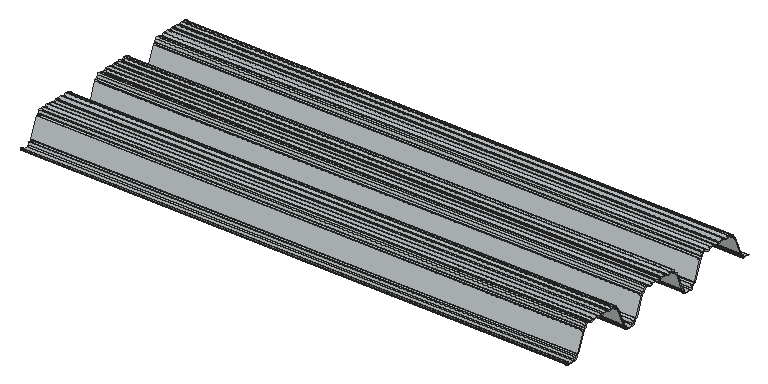
Revit family "28_SB_NL_Delft_Profielen_125R_1000", category Structural Framing, Revit 2016
Family settings
  Section Shape = Not Defined
  Material for Model Behavior = Other
  Always export as geometry = No
  OmniClass Number = 23.25.30.11.14.14
  OmniClass Title = Beams
  Always vertical = Yes
  Cut with Voids When Loaded = No
  Symbolic Representation = From Family
  Shared = No
  Show family pre-cut in plan views = Yes
Parameters (values of type "125R_1000")
  Vrijkomen van cadium = "NPD"
  URL = "www.delftprofielen.nl"
  Toleranties op vorm en afmetingen = "Tolerantieklasse D1 volgens EN 1090-2"
  Structural Material [instance] = (empty or 0)
  Reactie op bbrand = "Klasse A1"
  Radioactieve straling = "NPD"
  Ontwerp = "NPD"
  Norm = "NEN-EN 1090-1: 2009 + A1:2011"
  Minimale plaatlengte = 1500 mm
  Minimale overlap = 100 mm
  Maximale plaatlengte = 25000 mm
  Materiaal = S320D GD
  Manufacturer = "Delft profielen b.v."
  Length [instance] = 3000 mm
  Fabricage = "Warmdakplaten Delft 125R/1000 én EN 1090-2"
  Duurzaamheid = "Verzinkt Z-275 gr./m2 of interieur coating 15mu/BC"
  Dikte = 0.75 mm
  Description = "125R/1000"
  Datum = "13-04-2018"
  Constructieve kenmerken = "-"
  BIM4ALL B.V. = "www.bim4all.com"
  Assembly Code = "28.31"
Reference planes
  plane 1 "Center (Front/Back)": y = 0
  plane 2 "Center Elevation": z = 0
  plane 3 "Center (Left/Right)": x = 0
  plane 4 "Left": x = -1500
  plane 5 "Member Left": x = -1250
  plane 6 "Stick Symbol Left": x = -1000
  plane 7 "Right": x = 1500
  plane 8 "Member Right": x = 1250
  plane 9 "Stick Symbol Right": x = 1000
Forms (mm)
  Sweep 1, solid, material "S320D GD" <- "Materiaal"
    path origin (0, 0, 0) x (1, 0, 0) y (0, 1, 0)
      loop
        line (-1250, 0) -> (1250, 0)
    profile "28_Prof_125R_1000 : 125R_1000" origin (0, 0, 0) x (0, 1, 0) y (0, 0, 1)
      loop
        line (973.95, 14.062) -> (977.882, 4.37)
        arc (977.882, 4.37) -> (980.497, 1.17) -> (984.461, 0.002) r 7
        line (984.461, 0.002) -> (1008.809, -0.001) -> (1008.809, 1.002) -> (984.565, 1.005)
        arc (984.565, 1.005) -> (981.078, 1.985) -> (978.79, 4.793) r 6
        line (978.79, 4.793) -> (974.876, 14.439)
        arc (974.876, 14.439) -> (974.303, 15.421) -> (973.476, 16.203) r 4
        line (973.476, 16.203) -> (966.038, 21.45)
        arc (966.038, 21.45) -> (965.456, 22.012) -> (965.045, 22.708) r 3
        line (965.045, 22.708) -> (932.612, 102.638)
        arc (932.612, 102.638) -> (932.039, 103.621) -> (931.212, 104.402) r 4
        line (931.212, 104.402) -> (923.852, 109.594)
        arc (923.852, 109.594) -> (923.211, 110.188) -> (922.767, 110.941) r 3
        line (922.767, 110.941) -> (918.846, 120.606)
        arc (918.846, 120.606) -> (916.208, 123.841) -> (912.199, 125) r 7
        line (912.199, 125) -> (900.147, 125.002)
        arc (900.147, 125.002) -> (899.29, 124.909) -> (898.472, 124.635) r 4
        line (898.472, 124.635) -> (887.051, 119.372)
        arc (887.051, 119.372) -> (885.377, 119.005) -> (883.703, 119.372) r 4
        line (883.703, 119.372) -> (872.281, 124.634)
        arc (872.281, 124.634) -> (871.389, 124.924) -> (870.454, 124.999) r 4
        line (870.454, 124.999) -> (848.147, 125.001)
        arc (848.147, 125.001) -> (846.55, 124.74) -> (845.121, 123.982) r 5
        line (845.121, 123.982) -> (844.211, 123.3)
        arc (844.211, 123.3) -> (843.076, 122.706) -> (841.812, 122.501) r 4
        line (841.812, 122.501) -> (824.953, 122.504)
        arc (824.953, 122.504) -> (823.619, 122.686) -> (822.421, 123.3) r 4
        line (822.421, 123.3) -> (821.511, 123.982)
        arc (821.511, 123.982) -> (820.082, 124.74) -> (818.487, 125.001) r 5
        line (818.487, 125.001) -> (796.024, 125.004)
        arc (796.024, 125.004) -> (795.168, 124.908) -> (794.351, 124.634) r 4
        line (794.351, 124.634) -> (782.929, 119.372)
        arc (782.929, 119.372) -> (781.255, 119.005) -> (779.581, 119.372) r 4
        line (779.581, 119.372) -> (768.16, 124.634)
        arc (768.16, 124.634) -> (767.343, 124.908) -> (766.486, 125.001) r 4
        line (766.486, 125.001) -> (754.303, 125.003)
        arc (754.303, 125.003) -> (750.375, 123.795) -> (747.8, 120.593) r 7
        line (747.8, 120.593) -> (743.884, 110.941)
        arc (743.884, 110.941) -> (743.454, 110.204) -> (742.833, 109.617) r 3
        line (742.833, 109.617) -> (735.398, 104.371)
        arc (735.398, 104.371) -> (734.582, 103.581) -> (734.022, 102.593) r 4
        line (734.022, 102.593) -> (701.63, 22.763)
        arc (701.63, 22.763) -> (701.212, 22.031) -> (700.607, 21.444) r 3
        line (700.607, 21.444) -> (693.177, 16.202)
        arc (693.177, 16.202) -> (692.35, 15.42) -> (691.777, 14.437) r 4
        line (691.777, 14.437) -> (687.855, 4.773)
        arc (687.855, 4.773) -> (685.648, 2.032) -> (682.283, 1.001) r 6
        line (682.283, 1.001) -> (651.26, 1.005)
        arc (651.26, 1.005) -> (647.779, 1.963) -> (645.478, 4.745) r 6
        line (645.478, 4.745) -> (641.546, 14.437)
        arc (641.546, 14.437) -> (640.972, 15.42) -> (640.145, 16.201) r 4
        line (640.145, 16.201) -> (632.752, 21.417)
        arc (632.752, 21.417) -> (632.131, 22.003) -> (631.701, 22.74) r 3
        line (631.701, 22.74) -> (599.281, 102.638)
        arc (599.281, 102.638) -> (598.707, 103.621) -> (597.88, 104.402) r 4
        line (597.88, 104.402) -> (590.521, 109.594)
        arc (590.521, 109.594) -> (589.879, 110.188) -> (589.436, 110.941) r 3
        line (589.436, 110.941) -> (585.514, 120.606)
        arc (585.514, 120.606) -> (582.877, 123.841) -> (578.868, 125) r 7
        line (578.868, 125) -> (566.815, 125.002)
        arc (566.815, 125.002) -> (565.958, 124.909) -> (565.141, 124.635) r 4
        line (565.141, 124.635) -> (553.719, 119.372)
        arc (553.719, 119.372) -> (552.046, 119.005) -> (550.372, 119.372) r 4
        line (550.372, 119.372) -> (538.95, 124.634)
        arc (538.95, 124.634) -> (538.058, 124.924) -> (537.123, 124.999) r 4
        line (537.123, 124.999) -> (514.815, 125.001)
        arc (514.815, 125.001) -> (513.219, 124.74) -> (511.79, 123.982) r 5
        line (511.79, 123.982) -> (510.88, 123.3)
        arc (510.88, 123.3) -> (509.745, 122.706) -> (508.48, 122.501) r 4
        line (508.48, 122.501) -> (491.622, 122.504)
        arc (491.622, 122.504) -> (490.288, 122.686) -> (489.09, 123.3) r 4
        line (489.09, 123.3) -> (488.18, 123.982)
        arc (488.18, 123.982) -> (486.751, 124.74) -> (485.155, 125.001) r 5
        line (485.155, 125.001) -> (462.693, 125.004)
        arc (462.693, 125.004) -> (461.836, 124.908) -> (461.019, 124.634) r 4
        line (461.019, 124.634) -> (449.598, 119.372)
        arc (449.598, 119.372) -> (447.924, 119.005) -> (446.25, 119.372) r 4
        line (446.25, 119.372) -> (434.828, 124.634)
        arc (434.828, 124.634) -> (434.012, 124.908) -> (433.155, 125.001) r 4
        line (433.155, 125.001) -> (420.971, 125.003)
        arc (420.971, 125.003) -> (417.043, 123.795) -> (414.469, 120.593) r 7
        line (414.469, 120.593) -> (410.552, 110.941)
        arc (410.552, 110.941) -> (410.122, 110.204) -> (409.502, 109.617) r 3
        line (409.502, 109.617) -> (402.066, 104.371)
        arc (402.066, 104.371) -> (401.251, 103.581) -> (400.69, 102.593) r 4
        line (400.69, 102.593) -> (368.299, 22.763)
        arc (368.299, 22.763) -> (367.881, 22.031) -> (367.276, 21.444) r 3
        line (367.276, 21.444) -> (359.846, 16.202)
        arc (359.846, 16.202) -> (359.019, 15.42) -> (358.445, 14.437) r 4
        line (358.445, 14.437) -> (354.524, 4.773)
        arc (354.524, 4.773) -> (352.316, 2.032) -> (348.952, 1.001) r 6
        line (348.952, 1.001) -> (317.928, 1.005)
        arc (317.928, 1.005) -> (314.448, 1.963) -> (312.147, 4.745) r 6
        line (312.147, 4.745) -> (308.214, 14.437)
        arc (308.214, 14.437) -> (307.641, 15.42) -> (306.814, 16.201) r 4
        line (306.814, 16.201) -> (299.42, 21.417)
        arc (299.42, 21.417) -> (298.8, 22.003) -> (298.37, 22.74) r 3
        line (298.37, 22.74) -> (265.95, 102.638)
        arc (265.95, 102.638) -> (265.376, 103.621) -> (264.549, 104.402) r 4
        line (264.549, 104.402) -> (257.19, 109.594)
        arc (257.19, 109.594) -> (256.548, 110.188) -> (256.105, 110.941) r 3
        line (256.105, 110.941) -> (252.183, 120.606)
        arc (252.183, 120.606) -> (249.546, 123.841) -> (245.536, 125) r 7
        line (245.536, 125) -> (233.484, 125.002)
        arc (233.484, 125.002) -> (232.627, 124.909) -> (231.81, 124.635) r 4
        line (231.81, 124.635) -> (220.388, 119.372)
        arc (220.388, 119.372) -> (218.714, 119.005) -> (217.041, 119.372) r 4
        line (217.041, 119.372) -> (205.619, 124.634)
        arc (205.619, 124.634) -> (204.727, 124.924) -> (203.792, 124.999) r 4
        line (203.792, 124.999) -> (181.484, 125.001)
        arc (181.484, 125.001) -> (179.888, 124.74) -> (178.458, 123.982) r 5
        line (178.458, 123.982) -> (177.548, 123.3)
        arc (177.548, 123.3) -> (176.414, 122.706) -> (175.149, 122.501) r 4
        line (175.149, 122.501) -> (158.29, 122.504)
        arc (158.29, 122.504) -> (156.956, 122.686) -> (155.758, 123.3) r 4
        line (155.758, 123.3) -> (154.848, 123.982)
        arc (154.848, 123.982) -> (153.42, 124.74) -> (151.824, 125.001) r 5
        line (151.824, 125.001) -> (129.362, 125.004)
        arc (129.362, 125.004) -> (128.505, 124.908) -> (127.688, 124.634) r 4
        line (127.688, 124.634) -> (116.266, 119.372)
        arc (116.266, 119.372) -> (114.593, 119.005) -> (112.919, 119.372) r 4
        line (112.919, 119.372) -> (101.497, 124.634)
        arc (101.497, 124.634) -> (100.68, 124.908) -> (99.824, 125.001) r 4
        line (99.824, 125.001) -> (87.64, 125.003)
        arc (87.64, 125.003) -> (83.712, 123.795) -> (81.137, 120.593) r 7
        line (81.137, 120.593) -> (77.221, 110.941)
        arc (77.221, 110.941) -> (76.791, 110.204) -> (76.171, 109.617) r 3
        line (76.171, 109.617) -> (68.735, 104.371)
        arc (68.735, 104.371) -> (67.919, 103.581) -> (67.359, 102.593) r 4
        line (67.359, 102.593) -> (34.967, 22.763)
        arc (34.967, 22.763) -> (34.55, 22.031) -> (33.945, 21.444) r 3
        line (33.945, 21.444) -> (26.515, 16.202)
        arc (26.515, 16.202) -> (25.688, 15.42) -> (25.114, 14.437) r 4
        line (25.114, 14.437) -> (21.193, 4.773)
        arc (21.193, 4.773) -> (18.985, 2.032) -> (15.621, 1.001) r 6
        line (15.621, 1.001) -> (-15.403, 1.005)
        arc (-15.403, 1.005) -> (-18.883, 1.963) -> (-21.184, 4.745) r 6
        line (-21.184, 4.745) -> (-25.171, 14.57) -> (-26.098, 14.194) -> (-22.111, 4.369)
        arc (-22.111, 4.369) -> (-19.435, 1.129) -> (-15.385, 0.005) r 7
        line (-15.385, 0.005) -> (15.621, 0.001)
        arc (15.621, 0.001) -> (19.545, 1.204) -> (22.12, 4.399) r 7
        line (22.12, 4.399) -> (26.04, 14.061)
        arc (26.04, 14.061) -> (26.471, 14.798) -> (27.091, 15.385) r 3
        line (27.091, 15.385) -> (34.527, 20.631)
        arc (34.527, 20.631) -> (35.336, 21.413) -> (35.895, 22.39) r 4
        line (35.895, 22.39) -> (68.288, 102.223)
        arc (68.288, 102.223) -> (68.707, 102.964) -> (69.317, 103.558) r 3
        line (69.317, 103.558) -> (76.747, 108.8)
        arc (76.747, 108.8) -> (77.574, 109.582) -> (78.148, 110.565) r 4
        line (78.148, 110.565) -> (82.065, 120.22)
        arc (82.065, 120.22) -> (84.272, 122.966) -> (87.64, 124.001) r 6
        line (87.64, 124.001) -> (99.824, 124.001)
        arc (99.824, 124.001) -> (100.466, 123.931) -> (101.079, 123.726) r 3
        line (101.079, 123.726) -> (112.5, 118.464)
        arc (112.5, 118.464) -> (114.593, 118.005) -> (116.685, 118.464) r 5
        line (116.685, 118.464) -> (128.106, 123.726)
        arc (128.106, 123.726) -> (128.719, 123.932) -> (129.362, 124.001) r 3
        line (129.362, 124.001) -> (151.824, 124.001)
        arc (151.824, 124.001) -> (153.102, 123.791) -> (154.246, 123.184) r 4
        line (154.246, 123.184) -> (155.159, 122.5)
        arc (155.159, 122.5) -> (156.648, 121.735) -> (158.306, 121.504) r 5
        line (158.306, 121.504) -> (175.149, 121.501)
        arc (175.149, 121.501) -> (176.73, 121.758) -> (178.148, 122.5) r 5
        line (178.148, 122.5) -> (179.061, 123.184)
        arc (179.061, 123.184) -> (180.205, 123.792) -> (181.484, 124.001) r 4
        line (181.484, 124.001) -> (203.812, 123.999)
        arc (203.812, 123.999) -> (204.523, 123.945) -> (205.2, 123.726) r 3
        line (205.2, 123.726) -> (216.622, 118.464)
        arc (216.622, 118.464) -> (218.714, 118.005) -> (220.806, 118.464) r 5
        line (220.806, 118.464) -> (232.228, 123.726)
        arc (232.228, 123.726) -> (232.841, 123.932) -> (233.484, 124.002) r 3
        line (233.484, 124.002) -> (245.547, 124)
        arc (245.547, 124) -> (248.991, 123.009) -> (251.256, 120.232) r 6
        line (251.256, 120.232) -> (255.178, 110.565)
        arc (255.178, 110.565) -> (255.767, 109.564) -> (256.618, 108.773) r 4
        line (256.618, 108.773) -> (263.973, 103.586)
        arc (263.973, 103.586) -> (264.593, 102.999) -> (265.023, 102.262) r 3
        line (265.023, 102.262) -> (297.458, 22.327)
        arc (297.458, 22.327) -> (298.017, 21.382) -> (298.844, 20.6) r 4
        line (298.844, 20.6) -> (306.237, 15.384)
        arc (306.237, 15.384) -> (306.858, 14.798) -> (307.288, 14.061) r 3
        line (307.288, 14.061) -> (311.22, 4.369)
        arc (311.22, 4.369) -> (313.897, 1.129) -> (317.946, 0.005) r 7
        line (317.946, 0.005) -> (348.952, 0.001)
        arc (348.952, 0.001) -> (352.876, 1.204) -> (355.451, 4.399) r 7
        line (355.451, 4.399) -> (359.372, 14.061)
        arc (359.372, 14.061) -> (359.802, 14.798) -> (360.423, 15.385) r 3
        line (360.423, 15.385) -> (367.858, 20.631)
        arc (367.858, 20.631) -> (368.667, 21.413) -> (369.227, 22.39) r 4
        line (369.227, 22.39) -> (401.619, 102.223)
        arc (401.619, 102.223) -> (402.038, 102.964) -> (402.648, 103.558) r 3
        line (402.648, 103.558) -> (410.079, 108.8)
        arc (410.079, 108.8) -> (410.905, 109.582) -> (411.479, 110.565) r 4
        line (411.479, 110.565) -> (415.397, 120.22)
        arc (415.397, 120.22) -> (417.603, 122.966) -> (420.971, 124.001) r 6
        line (420.971, 124.001) -> (433.155, 124.001)
        arc (433.155, 124.001) -> (433.797, 123.931) -> (434.41, 123.726) r 3
        line (434.41, 123.726) -> (445.832, 118.464)
        arc (445.832, 118.464) -> (447.924, 118.005) -> (450.016, 118.464) r 5
        line (450.016, 118.464) -> (461.438, 123.726)
        arc (461.438, 123.726) -> (462.05, 123.932) -> (462.693, 124.001) r 3
        line (462.693, 124.001) -> (485.155, 124.001)
        arc (485.155, 124.001) -> (486.433, 123.791) -> (487.577, 123.184) r 4
        line (487.577, 123.184) -> (488.49, 122.5)
        arc (488.49, 122.5) -> (489.979, 121.735) -> (491.637, 121.504) r 5
        line (491.637, 121.504) -> (508.48, 121.501)
        arc (508.48, 121.501) -> (510.061, 121.758) -> (511.479, 122.5) r 5
        line (511.479, 122.5) -> (512.392, 123.184)
        arc (512.392, 123.184) -> (513.537, 123.792) -> (514.815, 124.001) r 4
        line (514.815, 124.001) -> (537.143, 123.999)
        arc (537.143, 123.999) -> (537.854, 123.945) -> (538.532, 123.726) r 3
        line (538.532, 123.726) -> (549.953, 118.464)
        arc (549.953, 118.464) -> (552.046, 118.005) -> (554.138, 118.464) r 5
        line (554.138, 118.464) -> (565.56, 123.726)
        arc (565.56, 123.726) -> (566.172, 123.932) -> (566.815, 124.002) r 3
        line (566.815, 124.002) -> (578.879, 124)
        arc (578.879, 124) -> (582.322, 123.009) -> (584.587, 120.232) r 6
        line (584.587, 120.232) -> (588.509, 110.565)
        arc (588.509, 110.565) -> (589.098, 109.564) -> (589.95, 108.773) r 4
        line (589.95, 108.773) -> (597.304, 103.586)
        arc (597.304, 103.586) -> (597.924, 102.999) -> (598.354, 102.262) r 3
        line (598.354, 102.262) -> (630.79, 22.327)
        arc (630.79, 22.327) -> (631.348, 21.382) -> (632.175, 20.6) r 4
        line (632.175, 20.6) -> (639.569, 15.384)
        arc (639.569, 15.384) -> (640.189, 14.798) -> (640.619, 14.061) r 3
        line (640.619, 14.061) -> (644.552, 4.369)
        arc (644.552, 4.369) -> (647.228, 1.129) -> (651.277, 0.005) r 7
        line (651.277, 0.005) -> (682.283, 0.001)
        arc (682.283, 0.001) -> (686.207, 1.204) -> (688.783, 4.399) r 7
        line (688.783, 4.399) -> (692.703, 14.061)
        arc (692.703, 14.061) -> (693.133, 14.798) -> (693.754, 15.385) r 3
        line (693.754, 15.385) -> (701.189, 20.631)
        arc (701.189, 20.631) -> (701.999, 21.413) -> (702.558, 22.39) r 4
        line (702.558, 22.39) -> (734.951, 102.223)
        arc (734.951, 102.223) -> (735.369, 102.964) -> (735.98, 103.558) r 3
        line (735.98, 103.558) -> (743.41, 108.8)
        arc (743.41, 108.8) -> (744.237, 109.582) -> (744.81, 110.565) r 4
        line (744.81, 110.565) -> (748.728, 120.22)
        arc (748.728, 120.22) -> (750.935, 122.966) -> (754.303, 124.001) r 6
        line (754.303, 124.001) -> (766.486, 124.001)
        arc (766.486, 124.001) -> (767.129, 123.931) -> (767.741, 123.726) r 3
        line (767.741, 123.726) -> (779.163, 118.464)
        arc (779.163, 118.464) -> (781.255, 118.005) -> (783.347, 118.464) r 5
        line (783.347, 118.464) -> (794.769, 123.726)
        arc (794.769, 123.726) -> (795.382, 123.932) -> (796.024, 124.001) r 3
        line (796.024, 124.001) -> (818.486, 124.001)
        arc (818.486, 124.001) -> (819.765, 123.791) -> (820.909, 123.184) r 4
        line (820.909, 123.184) -> (821.821, 122.5)
        arc (821.821, 122.5) -> (823.31, 121.735) -> (824.969, 121.504) r 5
        line (824.969, 121.504) -> (841.812, 121.501)
        arc (841.812, 121.501) -> (843.392, 121.758) -> (844.811, 122.5) r 5
        line (844.811, 122.5) -> (845.723, 123.184)
        arc (845.723, 123.184) -> (846.868, 123.792) -> (848.147, 124.001) r 4
        line (848.147, 124.001) -> (870.475, 123.999)
        arc (870.475, 123.999) -> (871.185, 123.945) -> (871.863, 123.726) r 3
        line (871.863, 123.726) -> (883.285, 118.464)
        arc (883.285, 118.464) -> (885.377, 118.005) -> (887.469, 118.464) r 5
        line (887.469, 118.464) -> (898.891, 123.726)
        arc (898.891, 123.726) -> (899.504, 123.932) -> (900.147, 124.002) r 3
        line (900.147, 124.002) -> (912.21, 124)
        arc (912.21, 124) -> (915.654, 123.009) -> (917.918, 120.232) r 6
        line (917.918, 120.232) -> (921.841, 110.565)
        arc (921.841, 110.565) -> (922.429, 109.564) -> (923.281, 108.773) r 4
        line (923.281, 108.773) -> (930.636, 103.586)
        arc (930.636, 103.586) -> (931.256, 102.999) -> (931.686, 102.262) r 3
        line (931.686, 102.262) -> (964.121, 22.327)
        arc (964.121, 22.327) -> (964.672, 21.391) -> (965.455, 20.638) r 4
        line (965.455, 20.638) -> (972.899, 15.386)
        arc (972.899, 15.386) -> (973.519, 14.799) -> (973.95, 14.062) r 3
Lines and regions (mm)
  model lines, style "Stick Symbols", detail levels coarse
    curve 1: line (-1000, 0, 0) -> (1000, 0, 0)
Dimensions and locks
  equal spacing: plane 4 "Left", plane 3 "Center (Left/Right)", plane 7 "Right"
  "Length": plane 4 "Left" to plane 7 "Right"
  aligned and locked: plane 1 "Center (Front/Back)" to curve 1
  aligned and locked: plane 6 "Stick Symbol Left" to curve 1
  aligned and locked: plane 9 "Stick Symbol Right" to curve 1
  aligned and locked: level to plane 2 "Center Elevation"
  aligned and locked: plane 8 "Member Right" to Sweep 1 sketch curve
  aligned and locked: plane 5 "Member Left" to Sweep 1 sketch curve
Automatic sketch dimensions
  plane 1 "Center (Front/Back)" to Sweep 1 sketch curve = 0 mm
